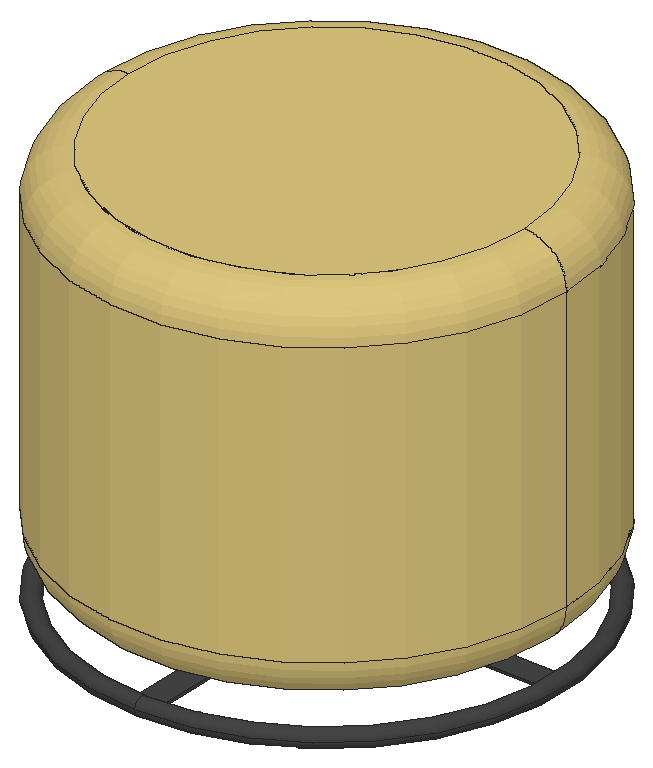
Revit family "Furniture_Chair_Tablet 8.3", category Furniture, Revit 2019
Family settings
  OmniClass Number = 23.21.23.15.17
  Work Plane-Based = Yes
  Always vertical = No
  Cut with Voids When Loaded = No
  Shared = No
  Room Calculation Point = No
Parameters (values of type "TABLET 8.3")
  Youtube clip = ""
  Uniformat II Description = "Movable Furnishings"
  Uniformat II Code = ""
  Uniclass 2015 Name = ""
  Uniclass 2015 Code = ""
  Uniclass 2.0 Description = ""
  Uniclass 2.0 Code = ""
  Uniclass 1.4 Description = ""
  Uniclass 1.4 Code = ""
  UNSPSC Code = ""
  Technical description = ""
  Shell Material = Leather - Dunhurst CUZ58
  Frame Material = Steel - Black
  Region South America = "All"
  Region Oceania = "All"
  Region North America = "All"
  Region Middle East = "All"
  Region Europe = "All"
  Region Asia = "All"
  Region Antarctica = "All"
  Region Africa = "All"
  QR code = "https://www.sandlerseating.com/product/tablet-8-3/"
  Product url = "https://www.sandlerseating.com/product/tablet-8-3/"
  Product name = "TABLET 8.3"
  Product group = "Chair"
  Product family = "Furniture"
  Product data url = "https://www.sandlerseating.com/product/tablet-8-3/"
  Product certification = ""
  Product SKU = "??"
  Product Guid = "??"
  OmniClass Description = ""
  OmniClass Code = "23-21 23 15 17"
  NBS Reference Description = ""
  NBS Reference Code = ""
  Model = "TABLET 8.3"
  Masterformat 2014 Description = "Chair Mats"
  Masterformat 2014 Code = "12 48 43.13"
  Manufacturer name = "Sandler"
  Manufacturer country = "USA"
  Manufacturer = "Sandler"
  Installation instructions = ""
  IFC Classification = "Furnishing Element"
  GTIN code = ""
  Edition number = 1
  Design country = "Brasil"
  Description = "Chair"
  Default Elevation = 0.000 mm
  Date of publishing = ""
  COBIe Type Category = ""
  Brand url = "https://www.sandlerseating.com/"
  BIMobject main category code = "furniture"
  BIMobject main category = "Furniture"
  BIMobject category code = "furniture-chair"
  BIMobject category = "Chair"
Reference planes
  plane 1 "Center Front/Back": y = 0
  plane 2: z = 0
  plane 3 "Center Left/Right": x = 0
  plane 4: x = -255
  plane 5: x = 255
  plane 6: y = -255
  plane 7: y = 255
  plane 8: x = -330
  plane 9: x = 330
  plane 10: y = 345
  plane 11: z = 480
  plane 12: z = 45
  plane 13: x = 15
  plane 14: x = -15
  plane 15: y = -15
  plane 16: y = 15
  plane 17: z = 765
Forms (mm)
  Revolve 1, solid, material "Steel - Black" <- "Frame Material"
    sketch origin (0, 0, 0) x (0, 1, 0) y (0, 0, 1)
      loop
        circle (-275, 10) r 10
      axis (0, 10) -> (0, 11)
    angle from 0 to 360
  Extrusion 2, solid, material "Steel - Black" <- "Frame Material"
    sketch origin (0, 0, 800.625) x (0, -1, 0) y (1, 0, 0)
      loop
        arc (274.64, -15) -> (275.16, -0.002) -> (274.741, 15) r 240
        line (274.741, 15) -> (15, 15) -> (15, 274.738)
        arc (15, 274.738) -> (0.012, 275.58) -> (-15, 275.483) r 240
        line (-15, 275.483) -> (-15, 15) -> (-274.433, 15)
        arc (-274.433, 15) -> (-274.825, -0.002) -> (-274.28, -15) r 240
        line (-274.28, -15) -> (-15, -15) -> (-15, -276.284)
        arc (-15, -276.284) -> (-0.003, -276.852) -> (15, -276.482) r 240
        line (15, -276.482) -> (15, -15) -> (274.64, -15)
    from -792.396 to -790
  Extrusion 3, solid, material "Steel - Black" <- "Frame Material"
    sketch origin (0, 0, 800) x (0, -1, 0) y (1, 0, 0)
      loop
        circle (0, 0) r 15
    from -789.375 to -755
  Extrusion 4, solid, material "Leather - Dunhurst CUZ58" <- "Shell Material"
    sketch origin (0, 0, 800) x (0, -1, 0) y (1, 0, 0)
      loop
        circle (0, 0) r 285.022
    from -755 to -320
  Sweep 5, void
    path in 3D
      loop
        arc (285.022, 0, 480) -> (0, -285.022, 480) -> (-285.022, 0, 480) r 285.022
        arc (-285.022, 0, 480) -> (0, 285.022, 480) -> (285.022, 0, 480) r 285.022
    profile origin (0, 285.022, 480) x (0, 1, 0) y (0, 0, 1)
      loop
        line (0, 0) -> (-50, 0)
        arc (-50, 0) -> (-14.645, -14.645) -> (0, -50) r 50
        line (0, -50) -> (0, 0)
      loop
        line (0, -435) -> (0, -385)
        arc (0, -385) -> (-14.645, -420.355) -> (-50, -435) r 50
        line (-50, -435) -> (0, -435)
Cuts and joins
  Sweep 5 cuts Extrusion 4
Lines and regions (mm)
  sketch lines
    curve 1: arc (-285.022, 0, 480) -> (0, 285.022, 480) -> (285.022, 0, 480) r 285.022
    curve 2: arc (285.022, 0, 480) -> (0, -285.022, 480) -> (-285.022, 0, 480) r 285.022
Dimensions and locks
  aligned and locked: level to plane 2
